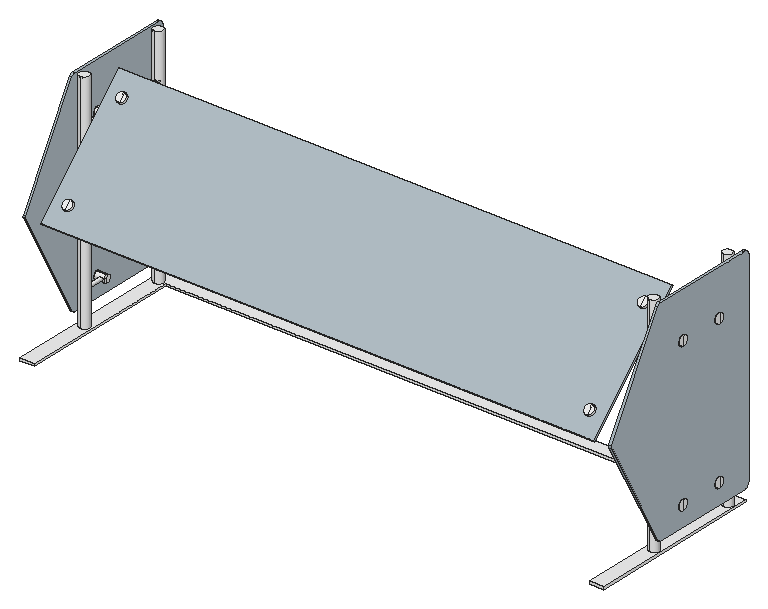
Revit family "QF_PMG_FM1R-A-P", category Specialty Equipment, Revit 2019
Family settings
  Round Connector Dimension = Use Diameter
  Part Type = Normal
  OmniClass Number = 23.40.40.14.24.14
  OmniClass Title = Service Line Equipment
  Work Plane-Based = Yes
  Always vertical = Yes
  Cut with Voids When Loaded = No
  Shared = No
  Room Calculation Point = No
Parameters (values of type "Brushed Stainless Steel #4")
  Width [instance] = 5' - 0"  # constant formula
  Weight in Pounds = 0
  URL Cutsheet = "https://www.pmg-inc.me/specsheets/FM1R-A-PORTABLE.pdf"  # constant formula
  URL = "https://www.pmg-inc.com/"
  Status = ""
  Specification by User [instance] = ""
  Specification by Manufacturer = "Choice™ Adjustable Self-Service Sneeze Guard, portable single sided guard without top shelf, slanted front, tempered glass with polished edges, end panels, 1\" OD round stainless supports, NSF (Contact Premier Sales Department for Pricing)"
  Serial Number [instance] = ""
  Seismic Rating = ""
  SMACNA No = ""
  Right End Panel Vis [instance] = or(Both Left And Right End Panel, Right End Panel Only)  # yes
  Right End Panel Only [instance] = End Panel Selection = 2  # no
  Revision Code = ""
  No Right Panel [instance] = or(Left End Panel Only, No End Panels)  # no
  No Left Panel [instance] = or(Right End Panel Only, No End Panels)  # no
  No End Panels [instance] = End Panel Selection > 3  # no
  NAFEM Spec ID Number = ""
  Model = "FM1R-A-P"  # constant formula
  Masterspec = "Division 11"
  Manufacturer = "Premier Metal And Glass"
  Left End Panel Vis [instance] = or(Both Left And Right End Panel, Left End Panel Only)  # yes
  Left End Panel Only [instance] = End Panel Selection = 3  # no
  Item Number [instance] = ""
  Installed By [instance] = ""
  Identify Quantity as Lot = yes
  Height = 1' - 8 5/16"  # constant formula
  Glass Thickness Selection [instance] = 1
  Glass Thickness [instance] = if([3/8" Glass], 0' 0 3/8", 0' 0 1/4")  # 0' - 0 1/4"
  Furnished By [instance] = ""
  Frame Material = QF_Stainless-Brushed-Satin
  Foodservice Equipment Identifier = yes
  End Panel Selection [instance] = 1
  Description = "Food Shield"
  Depth = 1' - 4 1/4"  # constant formula
  Default Elevation = 4' - 0"
  CSI MasterFormat = "11 46 16"
  Both Left And Right End Panel [instance] = End Panel Selection < 2  # yes
  Assembly Code = "E1090320"
  3/8" Glass [instance] = Glass Thickness Selection = 2  # no
  1/4" Glass [instance] = Glass Thickness Selection < 2  # yes
Reference planes (in)
  plane 1 "BACK": y = 0
  plane 2 "REF. LAYER": z = 0
  plane 3 "LEFT": x = 0
  plane 4 "RIGHT": x = 60
  plane 5 "Center (Left/Right)": x = 30
  plane 6 "Center F/F": x = 0.875
  plane 7 "Center F/G": x = 59.125
  plane 8 "Center F/U": y = -9.75
  plane 9: z = 0.25
  plane 10 "Center F/V": x = -0.75
  plane 11 "Center F/W": x = 0.75
  plane 12 "Center F/X": x = 60.75
  plane 13 "Center F/Y": x = 59.25
  plane 14 "Center F/Z": y = 1.5
  plane 15: through (0, -13.20936, 16.16438) normal (0, -0.7071, 0.7071)
  plane 16: through (0, -13.38614, 16.34116) normal (0, -0.7071, 0.7071)
  plane 17 "Center F/BB": y = -17.25
  plane 18: through (0, -16.37374, 13) normal (0, -0.7071, -0.7071)
  plane 19: through (0, -6.12069, 23.25305) normal (0, -0.7071, -0.7071)
  plane 20: z = 24
  plane 21: z = 18.5625
  plane 22: z = 13
Forms (in)
  Extrusion 1, solid, material "QF_Glass-Tempered-Clear"
    sketch origin (0, -1.32521, 0.32497) x (0, 1, 0) y (0, 0, 1)
      loop
        line (-15.04853, 12.67503) -> (-4.79548, 22.92808) -> (-4.97226, 23.10486) -> (-15.22531, 12.85181) -> (-15.04853, 12.67503)
    from 0.875 to 59.125
  Extrusion 2, solid, material "QF_Stainless-Brushed-Satin" <- "Frame Material"
    sketch origin (0, 0, 0) x (1, 0, 0) y (0, 1, 0)
      loop
        line (-0.75, -17.25) -> (0.75, -17.25) -> (0.75, 0) -> (59.25, 0) -> (59.25, -17.25) -> (60.75, -17.25) -> (60.75, 1.5) -> (-0.75, 1.5) -> (-0.75, -17.25)
    from 0 to 0.25
Lines and regions (in)
  symbolic lines, style "QF_Details_Overcounter"
    curve 1: line (0.875, -6.12069, 0) -> (59.125, -6.12069, 0)
    curve 2: line (0.875, -16.55052, 0) -> (0.875, -6.12069, 0)
    curve 3: line (59.125, -16.55052, 0) -> (0.875, -16.55052, 0)
    curve 4: line (59.125, -6.12069, 0) -> (59.125, -16.55052, 0)
    curve 5: line (0.875, -6.29747, 0) -> (59.125, -6.29747, 0)
    curve 6: line (-0.75, -17.25, 0) -> (-0.75, 1.5, 0)
    curve 7: line (-0.75, 1.5, 0) -> (60.75, 1.5, 0)
    curve 8: line (60.75, 1.5, 0) -> (60.75, -17.25, 0)
    curve 9: line (60.75, -17.25, 0) -> (59.25, -17.25, 0)
    curve 10: line (59.25, -17.25, 0) -> (59.25, 0, 0)
    curve 11: line (59.25, 0, 0) -> (0.75, 0, 0)
    curve 12: line (0.75, 0, 0) -> (0.75, -17.25, 0)
    curve 13: line (0.75, -17.25, 0) -> (-0.75, -17.25, 0)
    curve 14: line (0, -15.87362, 13.50012) -> (0, -8.27222, 21.10152)
Dimensions and locks (in)
  "Width": plane 3 "LEFT" to plane 4 "RIGHT"
  equal spacing: plane 3 "LEFT", plane 5 "Center (Left/Right)", plane 4 "RIGHT"
  locked: plane 3 "LEFT" to plane 6 "Center F/F" at 0.875
  locked: plane 7 "Center F/G" to plane 4 "RIGHT" at 0.875
  locked: plane 9 to plane 2 "REF. LAYER" at 0.25
  plane 11 "Center F/W" to plane 3 "LEFT" to plane 10 "Center F/V" = 0' - 0 3/4" locked, 0' - 0 3/4" locked
  plane 13 "Center F/Y" to plane 4 "RIGHT" to plane 12 "Center F/X" = 0' - 0 3/4" locked, 0' - 0 3/4" locked
  plane 8 "Center F/U" to plane 1 "BACK" to plane 14 "Center F/Z" = 0' - 9 3/4" locked, 0' - 1 1/2" locked
  "Glass Thickness": plane 16 to plane 15
  plane 18 to plane 19 = 1' - 2 1/2"
  aligned and locked: level to plane 2 "REF. LAYER"
  aligned and locked: plane 1 "BACK" to nested 2
  aligned and locked: plane 4 "RIGHT" to nested 2
  aligned and locked: plane 1 "BACK" to nested 1
  aligned and locked: plane 3 "LEFT" to nested 1
  aligned and locked: Extrusion 1 to plane 6 "Center F/F"
  aligned and locked: Extrusion 1 to plane 7 "Center F/G"
  aligned and locked: plane 1 "BACK" to nested 3
  aligned and locked: plane 1 "BACK" to nested 4
  aligned and locked: plane 3 "LEFT" to nested 3
  aligned and locked: plane 4 "RIGHT" to nested 4
  aligned and locked: plane 10 "Center F/V" to Extrusion 2 sketch curve
  aligned and locked: Extrusion 2 sketch curve to plane 11 "Center F/W"
  aligned and locked: Extrusion 2 sketch curve to plane 1 "BACK"
  aligned and locked: plane 14 "Center F/Z" to Extrusion 2 sketch curve
  aligned and locked: plane 12 "Center F/X" to Extrusion 2 sketch curve
  aligned and locked: Extrusion 2 sketch curve to plane 13 "Center F/Y"
  aligned and locked: Extrusion 2 to plane 9
  aligned and locked: plane 17 "Center F/BB" to Extrusion 2  (x2)
  aligned and locked: curve 3 to Extrusion 1
  aligned and locked: curve 1 to Extrusion 1
  aligned and locked: curve 5 to Extrusion 1
  aligned and locked: Extrusion 1 sketch curve to plane 15
  aligned and locked: plane 16 to Extrusion 1 sketch curve
  aligned and locked: plane 18 to Extrusion 1 sketch curve
  aligned and locked: Extrusion 1 sketch curve to plane 19
Automatic sketch dimensions
  plane 17 "Center F/BB" to Extrusion 2 sketch curve = 0' - 0"  (x2)
  curve 13 to plane 10 "Center F/V" = 0' - 0"
  curve 12 to plane 11 "Center F/W" = 0' - 0"
  curve 1 to plane 6 "Center F/F" = 0' - 0"
  curve 5 to plane 7 "Center F/G" = 0' - 0"
  plane 1 "BACK" to curve 10 = 0' - 0"
  curve 10 to plane 13 "Center F/Y" = 0' - 0"
  curve 8 to plane 12 "Center F/X" = 0' - 0"
  plane 17 "Center F/BB" to curve 8 = 0' - 0"
  plane 17 "Center F/BB" to curve 13 = 0' - 0"
  plane 14 "Center F/Z" to curve 7 = 0' - 0"
  curve 14 to plane 15 = 0' - 0"  (x2)
  curve 14 to plane 22 = 0' - 0.50012"
  curve 14 to plane 8 "Center F/U" = 0' - 1.47778"
Nested families (in)
  nested 1: "FM1V-A-P_Side Bracket" at (0, 1.25, 0), Glass Thickness <- "Glass Thickness", Frame Material <- "Frame Material", visible <- "Left End Panel Vis", type "FM1V-A-P_Side Bracket"
    with Right Panel no, Left Panel yes, Glass Thickness 0' - 0 1/4", Frame Material QF_Stainless-Brushed-Satin
  nested 2: "FM1V-A-P_Side Bracket" at (60, 1.25, 0), Glass Thickness <- "Glass Thickness", Frame Material <- "Frame Material", visible <- "Right End Panel Vis", type "FM1V-A-P_Side Bracket"
    with Right Panel yes, Left Panel no, Glass Thickness 0' - 0 1/4", Frame Material QF_Stainless-Brushed-Satin
  nested 3: "FM1V-A-P_Front Bracket" at (0, 1.25, 0), visible <- "No Left Panel", Frame Material <- "Frame Material", Glass Thickness <- "Glass Thickness", type "FM1V-A-P_Front Bracket"
    with Right Panel no, Left Panel yes, Glass Thickness 0' - 0 1/4", Frame Material QF_Stainless-Brushed-Satin
  nested 4: "FM1V-A-P_Front Bracket" at (60, 1.25, 0), visible <- "No Right Panel", Frame Material <- "Frame Material", Glass Thickness <- "Glass Thickness", type "FM1V-A-P_Front Bracket"
    with Right Panel yes, Left Panel no, Glass Thickness 0' - 0 1/4", Frame Material QF_Stainless-Brushed-Satin
Definition of nested family "FM1V-A-P_Side Bracket"
  Parameters (values of type "FM1V-A-P_Side Bracket")
    Width = 3' - 0"
    Right Panel [instance] = not(Left Panel)  # yes
    Left Panel [instance] = no
    Height = 1' - 8 5/16"
    Glass Thickness [instance] = 0' - 0 1/4"
    Frame Material [instance] = none
    Depth = 1' - 10 1/4"
  Reference planes (in)
    plane 1 "REF. LAYER": z = 1.49993
    plane 2 "LEFT": x = 0
    plane 3 "Center F/C": y = -1.25
    plane 4 "Center F/J": y = -2.125
    plane 5 "Center F/PP": y = -0.00218
    plane 6: z = 20.74993
    plane 7 "Center F/QQ": x = 0.7504
    plane 8 "Center F/RR": x = 1.0004
    plane 9 "Center F/SS": x = -0.7504
    plane 10 "Center F/TT": x = -1.0004
    plane 11: z = 0.25
    plane 12 "Center F/UU": y = -11
    plane 13: z = 3.74993
    plane 14: z = 24
    plane 15: z = 18.5625
    plane 16: z = 19.24993
  Forms (in)
    Sweep 1, solid, material <- "Frame Material"
      path origin (0, 0, 0) x (0, 1, 0) y (0, 0, 1)
        loop
          line (-1.25, 0) -> (-1.25, 24)
      profile origin (0, -1.25, 12) x (0, -1, 0) y (1, 0, 0)
        loop
          circle (0, 0) r 0.5
    Extrusion 2, solid, visible <- "Right Panel"
      sketch origin (0, 0, 0) x (0, 1, 0) y (0, 0, 1)
        loop
          arc (-11.24971, 24) -> (-11.47352, 23.94711) -> (-11.64999, 23.79963) r 0.5
          line (-11.64999, 23.79963) -> (-17.76749, 13.29746)
          arc (-17.76749, 13.29746) -> (-17.8011, 13.1762) -> (-17.77139, 13.05392) r 0.25
          line (-17.77139, 13.05392) -> (-11.64871, 1.71998)
          arc (-11.64871, 1.71998) -> (-11.46898, 1.55841) -> (-11.23447, 1.5) r 0.5
          line (-11.23447, 1.5) -> (-0.25, 1.5)
          arc (-0.25, 1.5) -> (0.10355, 1.64645) -> (0.25, 2) r 0.5
          line (0.25, 2) -> (0.25, 23.5)
          arc (0.25, 23.5) -> (0.10355, 23.85355) -> (-0.25, 24) r 0.5
          line (-0.25, 24) -> (-11.24971, 24)
      from 0.7504 to 1.0004
    Extrusion 3, solid, visible <- "Left Panel"
      sketch origin (-4.75, 0, 0) x (0, 1, 0) y (0, 0, 1)
        loop
          line (-17.77139, 13.05392) -> (-11.64871, 1.71998)
          arc (-11.64871, 1.71998) -> (-11.46898, 1.55841) -> (-11.23447, 1.5) r 0.5
          line (-11.23447, 1.5) -> (-0.25, 1.5)
          arc (-0.25, 1.5) -> (0.10355, 1.64645) -> (0.25, 2) r 0.5
          line (0.25, 2) -> (0.25, 23.5)
          arc (0.25, 23.5) -> (0.10355, 23.85355) -> (-0.25, 24) r 0.5
          line (-0.25, 24) -> (-11.24971, 24)
          arc (-11.24971, 24) -> (-11.47352, 23.94711) -> (-11.64999, 23.79963) r 0.5
          line (-11.64999, 23.79963) -> (-17.76749, 13.29746)
          arc (-17.76749, 13.29746) -> (-17.8011, 13.1762) -> (-17.77139, 13.05392) r 0.25
      from 3.7496 to 3.9996
    Sweep 4, solid, material <- "Frame Material"
      path origin (0, -9.75, 0) x (0, 1, 0) y (0, 0, 1)
        loop
          line (-1.25, 0) -> (-1.25, 24)
      profile origin (0, -11, 12) x (0, -1, 0) y (1, 0, 0)
        loop
          circle (0, 0) r 0.5
  Lines and regions (in)
    symbolic lines, visible <- "Right Panel"
      curve 1: line (0.7504, 0.25, 0) -> (1.0004, 0.25, 0)
      curve 2: line (0.7504, -19.37876, 0) -> (0.7504, 0.25, 0)
      curve 3: line (1.0004, -19.37876, 0) -> (0.7504, -19.37876, 0)
      curve 4: line (1.0004, 0.25, 0) -> (1.0004, -19.37876, 0)
    symbolic lines, visible <- "Left Panel"
      curve 5: line (-0.7504, -19.37876, 0) -> (-1.0004, -19.37876, 0)
      curve 6: line (-0.7504, 0.25, 0) -> (-0.7504, -19.37876, 0)
      curve 7: line (-1.0004, 0.25, 0) -> (-0.7504, 0.25, 0)
      curve 8: line (-1.0004, -19.37876, 0) -> (-1.0004, 0.25, 0)
    symbolic lines
      curve 9: line (-1.29169, -1.25, 0) -> (1.29169, -1.25, 0)
      curve 10: line (0, -2.66669, 0) -> (0, 0.16669, 0)
      curve 11: circle (0, -11, 0) r 0.5 normal (0, 0, 1)
      curve 12: circle (0, -1.25, 0) r 0.5 normal (0, 0, 1)
  Dimensions and locks (in)
    locked: plane 4 "Center F/J" to plane 3 "Center F/C" at 0.875
    plane 7 "Center F/QQ" to plane 2 "LEFT" to plane 9 "Center F/SS" = 0' - 0.7504", 0' - 0.7504"
    "Glass Thickness": plane 7 "Center F/QQ" to plane 8 "Center F/RR"
    "Glass Thickness": plane 10 "Center F/TT" to plane 9 "Center F/SS"
    plane 6 to plane 13 to plane 1 "REF. LAYER" to plane 11 to level = 1' - 5", 0' - 2 1/4" locked, 0' - 1.24993" locked, 0' - 0 1/4" locked
    aligned and locked: plane 3 "Center F/C" to nested 1
    aligned and locked: Extrusion 2 to plane 8 "Center F/RR"
    aligned and locked: plane 7 "Center F/QQ" to Extrusion 2
    aligned and locked: Extrusion 3 to plane 9 "Center F/SS"
    aligned and locked: plane 10 "Center F/TT" to Extrusion 3
    aligned and locked: plane 12 "Center F/UU" to nested 7
    aligned and locked: plane 12 "Center F/UU" to nested 2
    aligned and locked: plane 12 "Center F/UU" to nested 8
    aligned and locked: plane 12 "Center F/UU" to nested 4
    aligned and locked: plane 13 to nested 2
    aligned and locked: nested 1 to plane 13
    aligned and locked: plane 12 "Center F/UU" to nested 10
    aligned and locked: plane 12 "Center F/UU" to nested 9
    aligned and locked: nested 10 to plane 2 "LEFT"
    aligned and locked: nested 9 to plane 2 "LEFT"
    aligned and locked: nested 2 to plane 2 "LEFT"
    aligned and locked: plane 2 "LEFT" to nested 1
    aligned and locked: nested 5 to plane 3 "Center F/C"
    aligned and locked: plane 15 to nested 10
    aligned and locked: plane 15 to nested 9
    aligned and locked: plane 16 to nested 8
    aligned and locked: plane 16 to nested 4
    aligned and locked: nested 3 to plane 16
    aligned and locked: nested 6 to plane 16
  Automatic sketch dimensions
    Sweep 1 sketch curve to plane 3 "Center F/C" = 0' - 0"
    Sweep 1 sketch curve to level = 0' - 0"
    Sweep 1 sketch curve to plane 6 = 0' - 3.25007"
    Sweep 1 sketch curve to plane 2 "LEFT" = 0' - 0"
    Sweep 1 sketch curve to profile plane = 0' - 0"
    plane 5 "Center F/PP" to Extrusion 2 sketch curve = 0' - 0.24782"  (x2)
    Extrusion 2 sketch curve to plane 5 "Center F/PP" = 0' - 0.25218"
    plane 1 "REF. LAYER" to Extrusion 2 sketch curve = 0' - 0.00007"
    Extrusion 2 sketch curve to plane 6 = 0' - 2.75007"
    Sweep 4 sketch curve to plane 12 "Center F/UU" = 0' - 0"
    Sweep 4 sketch curve to level = 0' - 0"
    Sweep 4 sketch curve to plane 6 = 0' - 3.25007"
    Sweep 4 sketch curve to plane 2 "LEFT" = 0' - 0"
    Sweep 4 sketch curve to profile plane = 0' - 0"
    plane 3 "Center F/C" to curve 9 = 0' - 0"
    curve 7 to plane 5 "Center F/PP" = 0' - 0.25218"
    curve 7 to plane 10 "Center F/TT" = 0' - 0"
    curve 6 to plane 9 "Center F/SS" = 0' - 0"
    curve 11 to plane 2 "LEFT" = 0' - 0"
    curve 12 to plane 2 "LEFT" = 0' - 0"
    curve 10 to plane 2 "LEFT" = 0' - 0"
    curve 2 to plane 7 "Center F/QQ" = 0' - 0"
    curve 4 to plane 8 "Center F/RR" = 0' - 0"
    plane 12 "Center F/UU" to curve 11 = 0' - 0"
    plane 3 "Center F/C" to curve 12 = 0' - 0"
    curve 4 to plane 5 "Center F/PP" = 0' - 0.25218"
    plane 12 "Center F/UU" to curve 4 = 0' - 8.37876"
    curve 8 to curve 2 = 0' - 0"
    plane 10 "Center F/TT" to curve 9 = 0' - 0.29129"
    curve 9 to plane 8 "Center F/RR" = 0' - 0.29129"
    plane 4 "Center F/J" to curve 10 = 0' - 0.54169"
    curve 10 to plane 5 "Center F/PP" = 0' - 0.16887"
    plane 12 "Center F/UU" to Extrusion 2 sketch curve = 0' - 0.24971"
    plane 12 "Center F/UU" to Extrusion 2 sketch curve = 0' - 6.55113"
    Extrusion 2 sketch curve to Extrusion 2 sketch curve = 0' - 0.21635"
    Extrusion 2 sketch curve to Extrusion 2 sketch curve = 0' - 0 1/256"
    plane 15 to Extrusion 2 sketch curve = 0' - 5.50858"
    Extrusion 2 sketch curve to Extrusion 2 sketch curve = 0' - 0.11827"
    plane 14 to Extrusion 2 sketch curve = 0' - 0.20037"
    Extrusion 2 sketch curve to Extrusion 2 sketch curve = 0' - 0.40028"
    plane 12 "Center F/UU" to Extrusion 2 sketch curve = 0' - 0.23447"
    plane 1 "REF. LAYER" to Extrusion 2 sketch curve = 0' - 0.22005"
    Extrusion 2 sketch curve to Extrusion 2 sketch curve = 0' - 0.41423"
    plane 14 to Extrusion 3 sketch curve = 0' - 0"
    plane 12 "Center F/UU" to Extrusion 3 sketch curve = 0' - 6.77139"
    plane 15 to Extrusion 3 sketch curve = 0' - 5.26504"
    Extrusion 3 sketch curve to Extrusion 3 sketch curve = 0' - 0 1/256"
    Extrusion 3 sketch curve to Extrusion 3 sketch curve = 0' - 0.22026"
    plane 14 to Extrusion 3 sketch curve = 0' - 0.20037"
    plane 12 "Center F/UU" to Extrusion 3 sketch curve = 0' - 0.64999"
    plane 1 "REF. LAYER" to Extrusion 3 sketch curve = 0' - 0.22005"
    plane 12 "Center F/UU" to Extrusion 3 sketch curve = 0' - 0.64871"
    plane 12 "Center F/UU" to Extrusion 3 sketch curve = 0' - 0.24971"
    plane 12 "Center F/UU" to Extrusion 3 sketch curve = 0' - 0.23447"
    plane 1 "REF. LAYER" to Extrusion 3 sketch curve = 0' - 0.00007"
    plane 5 "Center F/PP" to Extrusion 3 sketch curve = 0' - 0.24782"  (x2)
    Extrusion 3 sketch curve to plane 5 "Center F/PP" = 0' - 0.25218"
    Extrusion 3 sketch curve to Extrusion 3 sketch curve = 0' - 0.24353"
    radius of Sweep 1 sketch curve = 0' - 0 1/2"
    radius of Sweep 4 sketch curve = 0' - 0 1/2"
    radius of curve 11 = 0' - 0 1/2"
    radius of curve 12 = 0' - 0 1/2"
  Nested families (in)
    nested 1: "Portable Adjustable Horizontal Glass Clip" at (-0.40584, -3.75, 3.24993) x (0, 1, 0) z (0, 0, 1), Frame Material <- "Frame Material", visible <- "Right Panel", Glass Thickness <- "Glass Thickness", type "Portable Adjustable Horizontal Glass Clip"
      with Glass Thickness 0' - 0 1/4", Frame Material none
    nested 2: "Portable Adjustable Horizontal Glass Clip" at (0.40584, -8.5, 3.24993) x (0, -1, 0) z (0, 0, 1), Frame Material <- "Frame Material", visible <- "Left Panel", Glass Thickness <- "Glass Thickness", type "Portable Adjustable Horizontal Glass Clip"
      with Glass Thickness 0' - 0 1/4", Frame Material none
    nested 3: "Portable Adjustable Horizontal Glass Clip" at (-0.40584, -3.75, 18.74993) x (0, 1, 0) z (0, 0, 1), Frame Material <- "Frame Material", visible <- "Right Panel", Glass Thickness <- "Glass Thickness", type "Portable Adjustable Horizontal Glass Clip"
      with Glass Thickness 0' - 0 1/4", Frame Material none
    nested 4: "Portable Adjustable Horizontal Glass Clip" at (0.40584, -8.5, 18.74993) x (0, -1, 0) z (0, 0, 1), Frame Material <- "Frame Material", visible <- "Left Panel", Glass Thickness <- "Glass Thickness", type "Portable Adjustable Horizontal Glass Clip"
      with Glass Thickness 0' - 0 1/4", Frame Material none
    nested 5: "Portable Adjustable Horizontal Glass Clip" at (0.40584, -3.75, 3.24993) x (0, 1, 0) z (0, 0, 1), Frame Material <- "Frame Material", visible <- "Left Panel", Glass Thickness <- "Glass Thickness", type "Portable Adjustable Horizontal Glass Clip"
      with Glass Thickness 0' - 0 1/4", Frame Material none
    nested 6: "Portable Adjustable Horizontal Glass Clip" at (0.40584, -3.75, 18.74993) x (0, 1, 0) z (0, 0, 1), Frame Material <- "Frame Material", visible <- "Left Panel", Glass Thickness <- "Glass Thickness", type "Portable Adjustable Horizontal Glass Clip"
      with Glass Thickness 0' - 0 1/4", Frame Material none
    nested 7: "Portable Adjustable Horizontal Glass Clip" at (-0.40584, -8.5, 3.24993) x (0, -1, 0) z (0, 0, 1), Frame Material <- "Frame Material", visible <- "Right Panel", Glass Thickness <- "Glass Thickness", type "Portable Adjustable Horizontal Glass Clip"
      with Glass Thickness 0' - 0 1/4", Frame Material none
    nested 8: "Portable Adjustable Horizontal Glass Clip" at (-0.40584, -8.5, 18.74993) x (0, -1, 0) z (0, 0, 1), Frame Material <- "Frame Material", visible <- "Right Panel", Glass Thickness <- "Glass Thickness", type "Portable Adjustable Horizontal Glass Clip"
      with Glass Thickness 0' - 0 1/4", Frame Material none
    nested 9: "Portable Adjustable Front Glass Mount_45" at (0, -11, 18.5625), Frame Material <- "Frame Material", visible <- "Right Panel", Glass Thickness <- "Glass Thickness", type "Portable Adjustable Front Glass Mount_45"
    nested 10: "Portable Adjustable Front Glass Mount_45" at (0, -11, 18.5625) x (-1, 0, 0) z (0, 0, 1), Frame Material <- "Frame Material", visible <- "Left Panel", Glass Thickness <- "Glass Thickness", type "Portable Adjustable Front Glass Mount_45"
  Definition of nested family "Portable Adjustable Horizontal Glass Clip"
    Parameters (values of type "Portable Adjustable Horizontal Glass Clip")
      Width = 3' - 0"
      Height = 3' - 0"
      Glass Thickness [instance] = 0' - 0 3/8"
      Frame Material [instance] = none
      Depth = 0' - 1.35355"
    Reference planes (in)
      plane 1 "BACK": y = 0
      plane 2 "REF. LAYER": z = 0
      plane 3 "LEFT": x = 0
      plane 4: z = 3
      plane 5: z = 1
      plane 6: z = 0.875
      plane 7: z = 0.125
      plane 8: z = 0.5
      plane 9 "Center F/E": y = -1.125
      plane 10 "Center F/F": y = -1.15624
      plane 11 "Center F/G": y = -1.53125
      plane 12 "Center F/H": y = -1.5625
      plane 13 "Center F/I": y = -1.6875
      plane 14 "Center F/J": y = -0.40584
      plane 15 "Center F/K": x = 3
      plane 16 "Center F/L": x = -3
      plane 17 "Center F/M": x = 2.5
    Forms (in)
      Revolve 1, solid, material <- "Frame Material"
        sketch origin (0, 0, 0) x (0, 1, 0) y (0, 0, 1)
          loop
            line (-1.6875, 0.5) -> (0, 0.5) -> (0, 0.875) -> (-1.125, 0.875) -> (-1.125, 0.625) -> (-1.5625, 0.625) -> (-1.5625, 1) -> (-1.6875, 1) -> (-1.6875, 0.5)
          axis (-1.6875, 0.5) -> (0, 0.5)
        angle from 0 to 360
      Extrusion 2, solid
        sketch origin (0, 0, 0) x (1, 0, 0) y (0, 0, 1)
          loop
            circle (0, 0.5) r 0.125
          loop
            circle (0, 0.5) r 0.375
        from 1.125 to 1.15624
      Extrusion 3, solid
        sketch origin (0, -1.25, 0) x (1, 0, 0) y (0, 0, 1)
          loop
            circle (0, 0.5) r 0.125
          loop
            circle (0, 0.5) r 0.375
        from 0.28125 to 0.3125
      Revolve 4, solid, material <- "Frame Material"
        sketch origin (0, -0.40584, 0) x (1, 0, 0) y (0, 0, 1)
          loop
            line (0, 0.5) -> (0, 0.3125) -> (2.5, 0.3125) -> (2.5, 0.5) -> (0, 0.5)
          axis (0, 0.5) -> (2.5, 0.5)
        angle from 0 to 360
    Lines and regions (in)
      symbolic lines
        curve 1: line (2.5, 0, 0.68552) -> (2.5, 0, 0.31448)
        curve 2: line (2.68552, 0, 0.5) -> (2.31448, 0, 0.5)
        curve 3: line (0, -0.64158, 3) -> (0, -0.1701, 3)
        curve 4: line (0, -0.40584, 2.76426) -> (0, -0.40584, 3.23574)
        curve 5: line (-0.5, -1.5625, 0) -> (0.5, -1.5625, 0)
        curve 6: line (-0.5, -1.6875, 0) -> (-0.5, -1.5625, 0)
        curve 7: line (0.5, -1.6875, 0) -> (-0.5, -1.6875, 0)
        curve 8: line (0.5, -1.5625, 0) -> (0.5, -1.6875, 0)
        curve 9: line (-0.375, -1.15624, 0) -> (-0.375, 0, 0)
        curve 10: line (0.375, -1.15624, 0) -> (-0.375, -1.15624, 0)
        curve 11: line (0.375, 0, 0) -> (0.375, -1.15624, 0)
        curve 12: line (-0.375, -1.125, 0) -> (0.375, -1.125, 0)
        curve 13: line (-0.375, -1.53125, 0) -> (-0.375, -1.5625, 0)
        curve 14: line (-0.375, -1.53125, 0) -> (0.375, -1.53125, 0)
        curve 15: line (0.375, -1.53125, 0) -> (0.375, -1.5625, 0)
        curve 16: line (-0.125, -1.15624, 0) -> (-0.125, -1.53125, 0)
        curve 17: line (0.125, -1.15624, 0) -> (0.125, -1.53125, 0)
        curve 18: line (2.5, -0.21834, 0) -> (2.5, -0.59334, 0)
        curve 19: line (2.3125, -0.40584, 0) -> (2.6875, -0.40584, 0)
        curve 20: line (-0.375, 0, 0) -> (0.375, 0, 0)
        curve 21: line (0.375, -0.59334, 0) -> (2.03649, -0.59334, 0)
        curve 22: line (0.375, -0.21834, 0) -> (2.03649, -0.21834, 0)
        curve 23: arc (2.03649, -0.21834, 0) -> (2, -0.40584, 0) -> (2.03649, -0.59334, 0) r 0.5
    Dimensions and locks (in)
      locked: plane 4 to plane 2 "REF. LAYER" at 3
      "Glass Thickness": plane 11 "Center F/G" to plane 10 "Center F/F"
      plane 10 "Center F/F" to plane 9 "Center F/E" to plane 1 "BACK" = 0' - 0 1/32" locked, 0' - 1 1/8"
      plane 13 "Center F/I" to plane 12 "Center F/H" to plane 11 "Center F/G" = 0' - 0 1/8" locked, 0' - 0 1/32" locked
      plane 15 "Center F/K" to plane 17 "Center F/M" to plane 3 "LEFT" to plane 16 "Center F/L" = 0' - 0 1/2" locked, 0' - 2 1/2" locked, 0' - 3" locked
      aligned and locked: level to plane 2 "REF. LAYER"
      aligned and locked: Revolve 1 sketch curve to plane 1 "BACK"
      aligned and locked: plane 9 "Center F/E" to Revolve 1 sketch curve
      aligned and locked: plane 12 "Center F/H" to Revolve 1 sketch curve
      aligned and locked: Revolve 1 sketch curve to plane 13 "Center F/I"
      aligned and locked: Extrusion 2 to plane 9 "Center F/E"
      aligned and locked: plane 10 "Center F/F" to Extrusion 2
      aligned and locked: Extrusion 3 to plane 11 "Center F/G"
      aligned and locked: plane 12 "Center F/H" to Extrusion 3
      aligned and locked: curve 5 to Revolve 1
      aligned and locked: curve 7 to Revolve 1
      aligned and locked: curve 10 to Extrusion 2
      aligned and locked: plane 3 "LEFT" to Revolve 4 sketch curve
      aligned and locked: Revolve 4 sketch curve to plane 17 "Center F/M"
    Automatic sketch dimensions
      Revolve 1 sketch curve to plane 8 = 0' - 0"  (x2)
      Revolve 1 sketch curve to plane 6 = 0' - 0"
      Revolve 1 sketch curve to plane 5 = 0' - 0"
      plane 8 to Revolve 1 sketch curve = 0' - 0 1/8"
      Revolve 1 sketch curve to Revolve 1 sketch curve = 0' - 0 1/4"
      Revolve 1 sketch curve to plane 1 "BACK" = 0' - 0.13914"
      Extrusion 2 sketch curve to Extrusion 2 sketch curve = 0' - 0"  (x2)
      Extrusion 2 sketch curve to plane 3 "LEFT" = 0' - 0"
      Extrusion 2 sketch curve to plane 8 = 0' - 0"
      Extrusion 3 sketch curve to Extrusion 3 sketch curve = 0' - 0"  (x2)
      Extrusion 3 sketch curve to plane 3 "LEFT" = 0' - 0"
      Extrusion 3 sketch curve to plane 8 = 0' - 0"
      plane 3 "LEFT" to curve 1 = 0' - 2 1/2"
      curve 1 to plane 4 = 0' - 2.68552"
      curve 1 to plane 4 = 0' - 2.31448"
      curve 2 to plane 4 = 0' - 2 1/2"
      plane 3 "LEFT" to curve 2 = 0' - 2.31448"
      plane 3 "LEFT" to curve 2 = 0' - 2.68552"
      curve 3 to plane 4 = 0' - 0"
      plane 14 "Center F/J" to curve 3 = 0' - 0.23574"
      plane 1 "BACK" to curve 3 = 0' - 0.1701"
      curve 4 to plane 14 "Center F/J" = 0' - 0"
      curve 4 to plane 4 = 0' - 0.23574"
      plane 4 to curve 4 = 0' - 0.23574"
      Revolve 4 sketch curve to plane 8 = 0' - 0"  (x2)
      plane 7 to Revolve 4 sketch curve = 0' - 0 3/16"
      Revolve 4 sketch curve to Revolve 4 sketch curve = 0' - 0.29307"
      plane 17 "Center F/M" to Revolve 4 sketch curve = 0' - 0.1477"
      plane 9 "Center F/E" to curve 12 = 0' - 0"
      plane 1 "BACK" to curve 20 = 0' - 0"
      plane 11 "Center F/G" to curve 14 = 0' - 0"
      plane 14 "Center F/J" to curve 19 = 0' - 0"
      curve 18 to plane 17 "Center F/M" = 0' - 0"
      curve 22 to plane 14 "Center F/J" = 0' - 0 3/16"
      plane 3 "LEFT" to curve 8 = 0' - 0 1/2"
      plane 3 "LEFT" to curve 11 = 0' - 0 3/8"
      curve 15 to curve 5 = 0' - 0 1/8"
      curve 13 to plane 3 "LEFT" = 0' - 0 3/8"
      curve 9 to plane 3 "LEFT" = 0' - 0 3/8"
      curve 5 to curve 13 = 0' - 0 1/8"
      plane 14 "Center F/J" to curve 21 = 0' - 0 3/16"
      plane 3 "LEFT" to curve 17 = 0' - 0 1/8"
      curve 16 to plane 3 "LEFT" = 0' - 0 1/8"
      plane 17 "Center F/M" to curve 19 = 0' - 0 3/16"
      plane 14 "Center F/J" to curve 18 = 0' - 0 3/16"
      curve 21 to curve 19 = 0' - 0.27601"
      plane 14 "Center F/J" to curve 23 = 0' - 0"
      curve 23 to plane 17 "Center F/M" = 0' - 0"
      curve 23 to curve 18 = 0' - 0 3/16"
      curve 22 to plane 17 "Center F/M" = 0' - 0.46351"
      radius of Extrusion 2 sketch curve = 0' - 0 1/8"
      radius of Extrusion 2 sketch curve = 0' - 0 3/8"
      radius of Extrusion 3 sketch curve = 0' - 0 1/8"
      radius of Extrusion 3 sketch curve = 0' - 0 3/8"
  Definition of nested family "Portable Adjustable Front Glass Mount_45"
    Parameters (values of type "Portable Adjustable Front Glass Mount_45")
      Width = 3' - 0"
      Height = 3' - 0"
      Glass Thickness [instance] = 0' - 0 1/4"
      Frame Material [instance] = none
      Depth = 0' - 1.35355"
    Reference planes (in)
      plane 1 "BACK": y = 0
      plane 2 "REF. LAYER": z = 0
      plane 3 "LEFT": x = 0
      plane 4 "Center F/N": x = -2.49922
      plane 5: through (0, -2.6176, -2.6176) normal (0, -0.7071, 0.7071)
      plane 6: through (0, -2.48502, -2.75018) normal (0, -0.7071, 0.7071)
      plane 7: through (0, -2.33063, -2.90457) normal (0, -0.7071, 0.7071)
      plane 8: through (0, -3.12613, -2.10908) normal (0, -0.7071, 0.7071)
      plane 9: through (0, -3.14822, -2.08698) normal (0, -0.7071, 0.7071)
      plane 10: through (0, -3.325, -1.9102) normal (0, -0.7071, 0.7071)
      plane 11: through (0, -3.3471, -1.88811) normal (0, -0.7071, 0.7071)
      plane 12: through (0, -3.43548, -1.79972) normal (0, -0.7071, 0.7071)
      plane 13: through (0, -4.36965, -4.63426) normal (0, -0.7071, -0.7071)
      plane 14: through (0, 2.51392, 2.62431) normal (0, -0.7071, -0.7071)
    Forms (in)
      Revolve 1, solid, material <- "Frame Material"
        sketch origin (0, 0, -18.58687) x (1, 0, 0) y (0, 0, 1)
          loop
            line (-3.34922, 18.58687) -> (-3.34922, 18.11824) -> (-3.31772, 18.08674) -> (-3.04499, 18.08674) -> (-3.01349, 18.11824) -> (-2.982, 18.08674) -> (-0.63, 18.08674) -> (-0.63, 18.21187) -> (0, 18.21187) -> (0, 18.58687) -> (-3.34922, 18.58687)
          axis (-3.34922, 18.58687) -> (0, 18.58687)
        angle from 0 to 360
      Revolve 2, solid, material <- "Frame Material"
        sketch origin (-2.49922, -1.76421, -1.76354) x (0, 0.92388, 0.382683) y (0, -0.382683, 0.92388)
          loop
            line (-3.5773, -1.48228) -> (-3.50554, -1.65551) -> (5.73325, 2.17133) -> (5.6615, 2.34456) -> (-3.5773, -1.48228)
          axis (-3.5773, -1.48228) -> (5.6615, 2.34456)
        angle from 0 to 360
      Revolve 3, solid, material <- "Frame Material"
        sketch origin (-2.49922, -1.76421, -1.76354) x (0, 0.92388, 0.382683) y (0, -0.382683, 0.92388)
          loop
            line (-3.42199, -1.85722) -> (-3.07553, -1.71372) -> (-3.50605, -0.67435) -> (-3.73702, -0.77002) -> (-3.85661, -0.48131) -> (-3.51016, -0.33781) -> (-3.55799, -0.22232) -> (-4.01993, -0.41366) -> (-3.42199, -1.85722)
          axis (-3.42199, -1.85722) -> (-4.01993, -0.41366)
        angle from 0 to 360
      Revolve 4, solid, material <- "Frame Material"
        sketch origin (-2.49922, 2.06263, 7.47526) x (0, 0.92388, 0.382683) y (0, -0.382683, 0.92388)
          loop
            line (-1.25426, -5.10146) -> (-0.90781, -4.95795) -> (-1.33833, -3.91859) -> (-1.5693, -4.01426) -> (-1.68888, -3.72554) -> (-1.34243, -3.58204) -> (-1.39027, -3.46655) -> (-1.8522, -3.6579) -> (-1.25426, -5.10146)
          axis (-1.25426, -5.10146) -> (-1.8522, -3.6579)
        angle from 0 to 360
      Revolve 5, solid
        sketch origin (-2.49922, 2.06263, 7.47526) x (0, 0.92388, 0.382683) y (0, -0.382683, 0.92388)
          loop
            line (-1.80437, -3.77338) -> (-1.79241, -3.80225) -> (-1.44596, -3.65875) -> (-1.45791, -3.62987) -> (-1.80437, -3.77338)
          loop
            line (-1.69674, -4.03322) -> (-1.68478, -4.06209) -> (-1.33833, -3.91859) -> (-1.35028, -3.88972) -> (-1.69674, -4.03322)
          axis (-1.80437, -3.77338) -> (-1.68478, -4.06209)
        angle from 0 to 360
      Revolve 6, solid
        sketch origin (-2.49922, -5.00844, 0.40419) x (0, 0.92388, 0.382683) y (0, -0.382683, 0.92388)
          loop
            line (-1.80437, -3.77338) -> (-1.79241, -3.80225) -> (-1.44596, -3.65875) -> (-1.45791, -3.62987) -> (-1.80437, -3.77338)
          loop
            line (-1.69674, -4.03322) -> (-1.68478, -4.06209) -> (-1.33833, -3.91859) -> (-1.35028, -3.88972) -> (-1.69674, -4.03322)
          axis (-1.80437, -3.77338) -> (-1.68478, -4.06209)
        angle from 0 to 360
    Lines and regions (in)
      symbolic lines
        curve 1: line (0, 0, 0.375) -> (0, 0, -0.375)
        curve 2: line (0, -0.375, 0) -> (0, 0.375, 0)
        curve 3: line (0, 0, -0.375) -> (0, 0, 0.375)
        curve 4: line (-0.375, 0, 0) -> (0.375, 0, 0)
        curve 5: line (-3.34922, -0.46863, 0) -> (-3.34922, 0.46863, 0)
        curve 6: line (-3.34922, 0.46863, 0) -> (-3.31772, 0.50012, 0)
        curve 7: line (-3.31772, 0.50012, 0) -> (-3.04499, 0.50012, 0)
        curve 8: line (-3.04499, 0.50012, 0) -> (-3.01349, 0.46863, 0)
        curve 9: line (-3.01349, 0.46863, 0) -> (-2.982, 0.50012, 0)
        curve 10: line (-0.63, 0.375, 0) -> (-0.33072, 0.375, 0)
        curve 11: line (-3.01349, 0.46863, 0) -> (-3.01349, -0.46863, 0)
        curve 12: line (-3.04499, 0.50012, 0) -> (-3.04499, -0.50012, 0)
        curve 13: line (-3.31772, 0.50012, 0) -> (-3.31772, -0.50012, 0)
        curve 14: line (-2.982, 0.50012, 0) -> (-2.982, -0.50012, 0)
        curve 15: line (-3.34922, -0.46863, 0) -> (-3.31772, -0.50012, 0)
        curve 16: line (-3.31772, -0.50012, 0) -> (-3.04499, -0.50012, 0)
        curve 17: line (-3.04499, -0.50012, 0) -> (-3.01349, -0.46863, 0)
        curve 18: line (-3.01349, -0.46863, 0) -> (-2.982, -0.50012, 0)
        curve 19: line (-2.982, -0.50012, 0) -> (-0.63, -0.50012, 0)
        curve 20: line (-0.63, -0.50012, 0) -> (-0.63, 0.50012, 0)
        curve 21: line (-0.63, -0.375, 0) -> (-0.33072, -0.375, 0)
        curve 22: arc (-0.5, 0, 0) -> (-0.45572, -0.20572, 0) -> (-0.33072, -0.375, 0) r 0.5
        curve 23: line (0, 0.375, 0) -> (0, -0.375, 0)
        curve 24: line (0.375, 0, 0) -> (-0.375, 0, 0)
        curve 25: arc (-0.5, 0, 0) -> (-0.45572, 0.20572, 0) -> (-0.33072, 0.375, 0) r 0.5
        curve 26: spline (-2.99922, 1.83962, 0) -> (-2.98218, 1.93112, 0) -> (-2.93223, 2.01639, 0) -> (-2.85277, 2.08962, 0) -> (-2.74922, 2.1458, 0) -> (-2.62863, 2.18112, 0) -> (-2.49922, 2.19317, 0) -> (-2.36981, 2.18112, 0) -> (-2.24922, 2.1458, 0) -> (-2.14566, 2.08962, 0) -> (-2.0662, 2.01639, 0) -> (-2.01625, 1.93112, 0) -> (-1.99922, 1.83962, 0)
        curve 27: spline (-2.96639, 1.87721, 0) -> (-2.92154, 1.9405, 0) -> (-2.85976, 1.99619, 0) -> (-2.78352, 2.04206, 0) -> (-2.69589, 2.07628, 0) -> (-2.60037, 2.09747, 0) -> (-2.5008, 2.10478, 0) -> (-2.40117, 2.09792, 0) -> (-2.30547, 2.07716, 0) -> (-2.21753, 2.04333, 0) -> (-2.14088, 1.9978, 0) -> (-2.0786, 1.94238, 0) -> (-2.03318, 1.87931, 0)
        curve 28: spline (-2.03318, 1.87931, 0) -> (-1.99978, 1.76806, 0) -> (-2.01806, 1.65508, 0) -> (-2.08612, 1.55204, 0) -> (-2.19691, 1.46961, 0) -> (-2.33898, 1.41632, 0) -> (-2.49763, 1.39768, 0) -> (-2.65644, 1.41561, 0) -> (-2.79899, 1.46827, 0) -> (-2.91052, 1.5502, 0) -> (-2.9795, 1.65293, 0) -> (-2.99879, 1.76582, 0) -> (-2.96639, 1.87721, 0)
        curve 29: line (-2.99922, 1.83962, 0) -> (-2.99922, 1.75123, 0)
        curve 30: line (-1.99922, 1.83962, 0) -> (-1.99922, 1.75123, 0)
        curve 31: spline (-2.12448, 2.07368, 0) -> (-2.14111, 2.1397, 0) -> (-2.18064, 2.20066, 0) -> (-2.24055, 2.25266, 0) -> (-2.31699, 2.29238, 0) -> (-2.4051, 2.31727, 0) -> (-2.49922, 2.32575, 0) -> (-2.59334, 2.31727, 0) -> (-2.68144, 2.29238, 0) -> (-2.75789, 2.25266, 0) -> (-2.81779, 2.20066, 0) -> (-2.85733, 2.1397, 0) -> (-2.87396, 2.07368, 0)
        curve 32: spline (-2.12787, 2.07636, 0) -> (-2.15142, 2.13795, 0) -> (-2.19509, 2.19378, 0) -> (-2.25638, 2.24062, 0) -> (-2.33172, 2.27576, 0) -> (-2.41675, 2.29717, 0) -> (-2.50656, 2.3036, 0) -> (-2.59594, 2.29469, 0) -> (-2.67973, 2.27095, 0) -> (-2.75306, 2.23375, 0) -> (-2.81171, 2.18525, 0) -> (-2.85226, 2.12826, 0) -> (-2.87238, 2.06607, 0)
        curve 33: spline (-2.87238, 2.85608, 0) -> (-2.85966, 2.92471, 0) -> (-2.82239, 2.98866, 0) -> (-2.76308, 3.04358, 0) -> (-2.6858, 3.08572, 0) -> (-2.5958, 3.11221, 0) -> (-2.49922, 3.12125, 0) -> (-2.40264, 3.11221, 0) -> (-2.31264, 3.08572, 0) -> (-2.23535, 3.04358, 0) -> (-2.17605, 2.98866, 0) -> (-2.13877, 2.92471, 0) -> (-2.12606, 2.85608, 0)
        curve 34: line (-2.87238, 2.85608, 0) -> (-2.87238, 2.06607, 0)
        curve 35: line (-2.12606, 2.85608, 0) -> (-2.12606, 2.06607, 0)
        curve 36: spline (-2.99922, -5.23145, 0) -> (-2.98218, -5.13995, 0) -> (-2.93223, -5.05467, 0) -> (-2.85277, -4.98145, 0) -> (-2.74922, -4.92527, 0) -> (-2.62863, -4.88995, 0) -> (-2.49922, -4.8779, 0) -> (-2.36981, -4.88995, 0) -> (-2.24922, -4.92527, 0) -> (-2.14566, -4.98145, 0) -> (-2.0662, -5.05467, 0) -> (-2.01625, -5.13995, 0) -> (-1.99922, -5.23145, 0)
        curve 37: spline (-2.96639, -5.19385, 0) -> (-2.92154, -5.13057, 0) -> (-2.85976, -5.07488, 0) -> (-2.78352, -5.029, 0) -> (-2.69589, -4.99479, 0) -> (-2.60037, -4.9736, 0) -> (-2.5008, -4.96629, 0) -> (-2.40117, -4.97315, 0) -> (-2.30547, -4.99391, 0) -> (-2.21753, -5.02773, 0) -> (-2.14088, -5.07327, 0) -> (-2.0786, -5.12868, 0) -> (-2.03318, -5.19176, 0)
        curve 38: spline (-2.03318, -5.19176, 0) -> (-1.99978, -5.303, 0) -> (-2.01806, -5.41599, 0) -> (-2.08612, -5.51902, 0) -> (-2.19691, -5.60145, 0) -> (-2.33898, -5.65475, 0) -> (-2.49763, -5.67339, 0) -> (-2.65644, -5.65546, 0) -> (-2.79899, -5.6028, 0) -> (-2.91052, -5.52087, 0) -> (-2.9795, -5.41814, 0) -> (-2.99879, -5.30524, 0) -> (-2.96639, -5.19385, 0)
        curve 39: line (-2.99922, -5.23145, 0) -> (-2.99922, -5.31984, 0)
        curve 40: line (-1.99922, -5.23145, 0) -> (-1.99922, -5.31984, 0)
        curve 41: spline (-2.12448, -4.99739, 0) -> (-2.14111, -4.93137, 0) -> (-2.18064, -4.87041, 0) -> (-2.24055, -4.81841, 0) -> (-2.31699, -4.77869, 0) -> (-2.4051, -4.75379, 0) -> (-2.49922, -4.74532, 0) -> (-2.59334, -4.75379, 0) -> (-2.68144, -4.77869, 0) -> (-2.75789, -4.81841, 0) -> (-2.81779, -4.87041, 0) -> (-2.85733, -4.93137, 0) -> (-2.87396, -4.99739, 0)
        curve 42: spline (-2.12787, -4.9947, 0) -> (-2.15142, -4.93312, 0) -> (-2.19509, -4.87729, 0) -> (-2.25638, -4.83044, 0) -> (-2.33172, -4.7953, 0) -> (-2.41675, -4.7739, 0) -> (-2.50656, -4.76746, 0) -> (-2.59594, -4.77638, 0) -> (-2.67973, -4.80012, 0) -> (-2.75306, -4.83732, 0) -> (-2.81171, -4.88582, 0) -> (-2.85226, -4.94281, 0) -> (-2.87238, -5.005, 0)
        curve 43: spline (-2.87238, -4.21499, 0) -> (-2.87096, -4.19191, 0) -> (-2.86673, -4.169, 0) -> (-2.8597, -4.14644, 0) -> (-2.84993, -4.12441, 0) -> (-2.83751, -4.10306, 0) -> (-2.82251, -4.08256, 0) -> (-2.80507, -4.06307, 0) -> (-2.7853, -4.04473, 0) -> (-2.76336, -4.02768, 0) -> (-2.73941, -4.01205, 0) -> (-2.71364, -3.99797, 0) -> (-2.68625, -3.98553, 0)
        curve 44: line (-2.87238, -4.21499, 0) -> (-2.87238, -5.005, 0)
        curve 45: line (-2.12606, -4.21499, 0) -> (-2.12606, -5.005, 0)
        curve 46: line (-2.68625, -4.50196, 0) -> (-2.68625, -0.50012, 0)
        curve 47: line (-2.31219, -4.50196, 0) -> (-2.31219, -0.50012, 0)
        curve 48: spline (-2.31219, -3.98553, 0) -> (-2.28479, -3.99797, 0) -> (-2.25902, -4.01205, 0) -> (-2.23508, -4.02768, 0) -> (-2.21314, -4.04473, 0) -> (-2.19337, -4.06307, 0) -> (-2.17592, -4.08256, 0) -> (-2.16093, -4.10306, 0) -> (-2.1485, -4.12441, 0) -> (-2.13874, -4.14644, 0) -> (-2.13171, -4.169, 0) -> (-2.12747, -4.19191, 0) -> (-2.12606, -4.21499, 0)
        curve 49: spline (-2.31219, -4.50196, 0) -> (-2.31856, -4.53627, 0) -> (-2.33725, -4.56825, 0) -> (-2.36697, -4.59571, 0) -> (-2.4057, -4.61678, 0) -> (-2.45081, -4.63002, 0) -> (-2.49922, -4.63454, 0) -> (-2.54762, -4.63002, 0) -> (-2.59273, -4.61678, 0) -> (-2.63147, -4.59571, 0) -> (-2.66119, -4.56825, 0) -> (-2.67987, -4.53627, 0) -> (-2.68625, -4.50196, 0)
        curve 50: line (-2.982, 0.50012, 0) -> (-0.63, 0.50012, 0)
        curve 51: line (-2.68625, 0.50012, 0) -> (-2.68625, 1.42334, 0)
        curve 52: line (-2.31219, 0.50012, 0) -> (-2.31219, 1.42334, 0)
    Dimensions and locks (in)
      "Glass Thickness": plane 10 to plane 9
      plane 12 to plane 11 to plane 10 = 0' - 0 1/8" locked, 0' - 0 1/32" locked
      plane 9 to plane 8 to plane 5 to plane 6 to plane 7 = 0' - 0 1/32" locked, 0' - 0.71916" locked, 0' - 0 3/16" locked, 0' - 0.21834" locked
      plane 13 to Revolve 3 sketch curve to Revolve 3 sketch curve to Revolve 3 sketch curve = 0' - 0 1/8" locked, 0' - 0 1/4" locked, 0' - 0 1/8" locked
      plane 14 to Revolve 4 sketch curve to Revolve 4 sketch curve to Revolve 4 sketch curve = 0' - 0 1/8" locked, 0' - 0 1/4" locked, 0' - 0 1/8" locked
      plane 14 to Revolve 5 sketch curve to Revolve 5 sketch curve = 0' - 0 3/8" locked, 0' - 0" locked
      locked: plane 13 to plane 14 at 10
      plane 13 to Revolve 6 sketch curve to Revolve 6 sketch curve = 0' - 0 3/8" locked, 0' - 0" locked
      locked: plane 2 "REF. LAYER" to plane 7 (angle 45.00°)
      locked: plane 7 to plane 2 "REF. LAYER" (angle 135.00°)
      aligned and locked: level to plane 2 "REF. LAYER"
      aligned and locked: plane 6 to Revolve 2 sketch curve
      aligned and locked: Revolve 2 sketch curve to plane 5
      aligned and locked: Revolve 3 sketch curve to plane 7
      aligned and locked: plane 8 to Revolve 3 sketch curve
      aligned and locked: plane 11 to Revolve 3 sketch curve
      aligned and locked: Revolve 3 sketch curve to plane 12
      aligned and locked: Revolve 4 sketch curve to plane 7
      aligned and locked: plane 8 to Revolve 4 sketch curve
      aligned and locked: plane 11 to Revolve 4 sketch curve
      aligned and locked: Revolve 4 sketch curve to plane 12
      aligned and locked: Revolve 5 sketch curve to plane 8
      aligned and locked: plane 9 to Revolve 5 sketch curve
      aligned and locked: plane 10 to Revolve 5 sketch curve
      aligned and locked: Revolve 5 sketch curve to plane 11
      aligned and locked: plane 14 to Revolve 2 sketch curve
      aligned and locked: Revolve 2 sketch curve to plane 13
      aligned and locked: Revolve 3 sketch curve to plane 13
      aligned and locked: plane 13 to Revolve 6 sketch curve  (x2)
      aligned and locked: Revolve 6 sketch curve to plane 11
      aligned and locked: plane 10 to Revolve 6 sketch curve
      aligned and locked: plane 9 to Revolve 6 sketch curve
      aligned and locked: Revolve 6 sketch curve to plane 8
      aligned and locked: Revolve 6 sketch curve to plane 13
    Automatic sketch dimensions
      curve 2 to level = 0' - 0"
      curve 1 to plane 1 "BACK" = 0' - 0"
      plane 1 "BACK" to curve 2 = 0' - 0 3/8"
      curve 2 to plane 1 "BACK" = 0' - 0 3/8"
      curve 1 to level = 0' - 0 3/8"
      level to curve 1 = 0' - 0 3/8"
      curve 4 to level = 0' - 0"
      curve 3 to plane 3 "LEFT" = 0' - 0"
      curve 4 to plane 3 "LEFT" = 0' - 0 3/8"
      plane 3 "LEFT" to curve 4 = 0' - 0 3/8"
      curve 3 to level = 0' - 0 3/8"
      level to curve 3 = 0' - 0 3/8"
      Revolve 1 sketch curve to level = 0' - 0"  (x2)
      Revolve 1 sketch curve to plane 3 "LEFT" = 0' - 0"
      Revolve 1 sketch curve to Revolve 1 sketch curve = 0' - 0.63"
      Revolve 1 sketch curve to plane 4 "Center F/N" = 0' - 0.48278"
      Revolve 1 sketch curve to Revolve 1 sketch curve = 0' - 0.03149"  (x4)
      Revolve 1 sketch curve to Revolve 1 sketch curve = 0' - 0.27273"
      Revolve 1 sketch curve to level = 0' - 0 3/8"
      Revolve 1 sketch curve to level = 0' - 0.46863"
      Revolve 1 sketch curve to Revolve 1 sketch curve = 0' - 0"
      Revolve 1 sketch curve to Revolve 1 sketch curve = 0' - 0.28995"
      plane 3 "LEFT" to Revolve 1 sketch curve = 0' - 0.23069"
      Revolve 2 sketch curve to plane 5 = 0' - 0"  (x2)
      Revolve 2 sketch curve to Revolve 2 sketch curve = 0' - 2.19335"
      Revolve 2 sketch curve to Revolve 2 sketch curve = 0' - 0.34559"
      plane 13 to Revolve 3 sketch curve = 0' - 0"  (x2)
      Revolve 3 sketch curve to Revolve 3 sketch curve = 0' - 0.31654"
      Revolve 3 sketch curve to Revolve 3 sketch curve = 0' - 0.1379"
      plane 14 to Revolve 4 sketch curve = 0' - 0"  (x3)
      Revolve 4 sketch curve to Revolve 4 sketch curve = 0' - 0.2687"
      Revolve 4 sketch curve to Revolve 4 sketch curve = 0' - 0.1379"
      plane 14 to Revolve 5 sketch curve = 0' - 0"  (x4)
      Revolve 5 sketch curve to Revolve 5 sketch curve = 0' - 0.23472"
      Revolve 5 sketch curve to Revolve 5 sketch curve = 0' - 0 69/128"
      Revolve 6 sketch curve to Revolve 6 sketch curve = 0' - 0.23472"
      Revolve 6 sketch curve to Revolve 6 sketch curve = 0' - 0 69/128"
      curve 22 to curve 25 = 0' - 0"
      curve 28 to plane 4 "Center F/N" = 0' - 0"
      curve 49 to plane 4 "Center F/N" = 0' - 0"
      curve 42 to plane 4 "Center F/N" = 0' - 0"
      curve 38 to plane 4 "Center F/N" = 0' - 0"
      curve 48 to plane 4 "Center F/N" = 0' - 0"
      curve 31 to plane 4 "Center F/N" = 0' - 0"
      curve 43 to plane 4 "Center F/N" = 0' - 0"
      curve 32 to plane 4 "Center F/N" = 0' - 0"
      curve 27 to plane 4 "Center F/N" = 0' - 0"
      curve 33 to plane 4 "Center F/N" = 0' - 0"
      curve 41 to plane 4 "Center F/N" = 0' - 0"
      curve 37 to plane 4 "Center F/N" = 0' - 0"
      plane 1 "BACK" to curve 25 = 0' - 0"
      plane 1 "BACK" to curve 24 = 0' - 0"
      curve 22 to plane 3 "LEFT" = 0' - 0"
      curve 23 to plane 3 "LEFT" = 0' - 0"
      curve 46 to plane 4 "Center F/N" = 0' - 0.18703"
      curve 34 to curve 33 = 0' - 0.37316"
      curve 44 to curve 43 = 0' - 0.18613"
      curve 14 to plane 4 "Center F/N" = 0' - 0.48278"
      curve 39 to curve 42 = 0' - 0.12684"
      curve 29 to curve 32 = 0' - 0.12684"
      curve 11 to curve 14 = 0' - 0.03149"
      curve 12 to curve 11 = 0' - 0.03149"
      curve 13 to curve 7 = 0' - 0.27273"
      curve 15 to curve 13 = 0' - 0.03149"
      curve 48 to curve 45 = 0' - 0.18613"
      curve 20 to plane 3 "LEFT" = 0' - 0.63"
      curve 21 to curve 21 = 0' - 0.29928"
      curve 10 to curve 10 = 0' - 0.29928"
      plane 1 "BACK" to curve 21 = 0' - 0 3/8"
      plane 1 "BACK" to curve 5 = 0' - 0.46863"
      curve 5 to curve 18 = 0' - 0"
      curve 18 to curve 11 = 0' - 0.03149"
      curve 44 to curve 14 = 0' - 3 183/256"
      curve 43 to curve 45 = 0' - 0"
      curve 46 to curve 44 = 0' - 0.28697"
      curve 44 to curve 49 = 0' - 0.50305"
      curve 40 to curve 47 = 0' - 0.7295"
      curve 5 to plane 1 "BACK" = 0' - 0.46863"
      curve 5 to curve 9 = 0' - 0"
      curve 8 to curve 12 = 0' - 0.03149"
      curve 26 to curve 34 = 0' - 0.22645"
      curve 34 to curve 34 = 0' - 0.79002"
      curve 51 to plane 4 "Center F/N" = 0' - 0.18703"
      curve 41 to curve 42 = 0' - 0.00158"
      curve 31 to curve 34 = 0' - 0.00158"
      curve 36 to curve 37 = 0' - 0.03282"
      curve 26 to curve 28 = 0' - 0.03282"
      curve 42 to curve 41 = 0' - 0.00339"
      curve 32 to curve 31 = 0' - 0.00339"
      curve 28 to curve 30 = 0' - 0.03396"
      curve 38 to curve 40 = 0' - 0.03396"
      curve 25 to curve 24 = 0' - 0 1/8"
      plane 3 "LEFT" to curve 24 = 0' - 0 3/8"
      curve 21 to curve 23 = 0' - 0"
      curve 43 to curve 43 = 0' - 0.22946"
      curve 48 to curve 48 = 0' - 0.22946"
      curve 49 to curve 49 = 0' - 0.13258"
      curve 41 to curve 49 = 0' - 0.11078"
      curve 42 to curve 41 = 0' - 0.0221"  (x2)
      curve 40 to curve 42 = 0' - 0.23675"
      curve 45 to curve 41 = 0' - 0.00761"
      curve 40 to curve 37 = 0' - 0.03969"
      curve 36 to curve 37 = 0' - 0.0376"
      curve 39 to curve 39 = 0' - 0.08839"
      curve 40 to curve 36 = 0' - 0.08839"
      curve 37 to curve 38 = 0' - 0"
      curve 10 to curve 23 = 0' - 0"
      curve 52 to curve 27 = 0' - 0.89755"
      curve 28 to curve 27 = 0' - 0"
      curve 27 to curve 52 = 0' - 0.02567"
      curve 27 to curve 51 = 0' - 0.02567"
      curve 27 to curve 26 = 0' - 0.08839"  (x2)
      curve 29 to curve 29 = 0' - 0.08839"
      curve 30 to curve 26 = 0' - 0.08839"
      curve 26 to curve 32 = 0' - 0.19887"
      curve 32 to curve 31 = 0' - 0.0221"  (x2)
      curve 35 to curve 31 = 0' - 0.00761"
      curve 31 to curve 33 = 0' - 0.26517"
Definition of nested family "FM1V-A-P_Front Bracket"
  Parameters (values of type "FM1V-A-P_Front Bracket")
    Width = 3' - 0"
    Right Panel [instance] = not(Left Panel)  # yes
    Left Panel [instance] = no
    Height = 1' - 8 5/16"
    Glass Thickness [instance] = 0' - 0 1/4"
    Frame Material [instance] = none
    Depth = 1' - 10 1/4"
  Reference planes (in)
    plane 1 "REF. LAYER": z = 1.49993
    plane 2 "LEFT": x = 0
    plane 3 "Center F/C": y = -1.25
    plane 4 "Center F/J": y = -2.125
    plane 5 "Center F/PP": y = -0.00218
    plane 6: z = 20.74993
    plane 7 "Center F/QQ": x = 0.7504
    plane 8 "Center F/RR": x = 1.0004
    plane 9 "Center F/SS": x = -0.7504
    plane 10 "Center F/TT": x = -1.0004
    plane 11: z = 0.25
    plane 12 "Center F/UU": y = -11
    plane 13: z = 3.74993
    plane 14: z = 24
    plane 15: z = 18.5625
  Forms (in)
    Sweep 1, solid, material <- "Frame Material"
      path origin (0, -9.75, 0) x (0, 1, 0) y (0, 0, 1)
        loop
          line (-1.25, 0) -> (-1.25, 24)
      profile origin (0, -11, 12) x (0, -1, 0) y (1, 0, 0)
        loop
          circle (0, 0) r 0.5
  Lines and regions (in)
    symbolic lines
      curve 1: line (-1.29169, -1.25, 0) -> (1.29169, -1.25, 0)
      curve 2: line (0, -2.66669, 0) -> (0, 0.16669, 0)
      curve 3: circle (0, -11, 0) r 0.5 normal (0, 0, 1)
  Dimensions and locks (in)
    plane 12 "Center F/UU" to plane 4 "Center F/J" to plane 3 "Center F/C" to plane 5 "Center F/PP" = 0' - 8 7/8" locked, 0' - 0 7/8" locked, 0' - 1.24782" locked
    plane 7 "Center F/QQ" to plane 2 "LEFT" to plane 9 "Center F/SS" = 0' - 0.7504", 0' - 0.7504"
    "Glass Thickness": plane 7 "Center F/QQ" to plane 8 "Center F/RR"
    "Glass Thickness": plane 10 "Center F/TT" to plane 9 "Center F/SS"
    plane 6 to plane 13 to plane 1 "REF. LAYER" to plane 11 to level = 1' - 5", 0' - 2 1/4" locked, 0' - 1.24993" locked, 0' - 0 1/4" locked
    aligned and locked: nested 1 to plane 12 "Center F/UU"
    aligned and locked: nested 1 to plane 2 "LEFT"
    aligned and locked: plane 12 "Center F/UU" to nested 2
    aligned and locked: nested 2 to plane 2 "LEFT"
    aligned and locked: plane 15 to nested 2
    aligned and locked: plane 15 to nested 1
  Automatic sketch dimensions
    Sweep 1 sketch curve to plane 12 "Center F/UU" = 0' - 0"
    Sweep 1 sketch curve to level = 0' - 0"
    Sweep 1 sketch curve to plane 6 = 0' - 3.25007"
    Sweep 1 sketch curve to plane 2 "LEFT" = 0' - 0"
    Sweep 1 sketch curve to profile plane = 0' - 0"
    plane 3 "Center F/C" to curve 1 = 0' - 0"
    curve 3 to plane 2 "LEFT" = 0' - 0"
    curve 2 to plane 2 "LEFT" = 0' - 0"
    plane 12 "Center F/UU" to curve 3 = 0' - 0"
    plane 10 "Center F/TT" to curve 1 = 0' - 0.29129"
    curve 1 to plane 8 "Center F/RR" = 0' - 0.29129"
    plane 4 "Center F/J" to curve 2 = 0' - 0.54169"
    curve 2 to plane 5 "Center F/PP" = 0' - 0.16887"
    radius of Sweep 1 sketch curve = 0' - 0 1/2"
    radius of curve 3 = 0' - 0 1/2"
  Nested families (in)
    nested 1: "Portable Adjustable Front Glass Mount_45" at (0, -11, 18.5625), Frame Material <- "Frame Material", visible <- "Right Panel", Glass Thickness <- "Glass Thickness", type "Portable Adjustable Front Glass Mount_45"
    nested 2: "Portable Adjustable Front Glass Mount_45" at (0, -11, 18.5625) x (-1, 0, 0) z (0, 0, 1), Frame Material <- "Frame Material", visible <- "Left Panel", Glass Thickness <- "Glass Thickness", type "Portable Adjustable Front Glass Mount_45"
  Definition of nested family "Portable Adjustable Front Glass Mount_45"
    Parameters (values of type "Portable Adjustable Front Glass Mount_45")
      Width = 3' - 0"
      Height = 3' - 0"
      Glass Thickness [instance] = 0' - 0 1/4"
      Frame Material [instance] = none
      Depth = 0' - 1.35355"
    Reference planes (in)
      plane 1 "BACK": y = 0
      plane 2 "REF. LAYER": z = 0
      plane 3 "LEFT": x = 0
      plane 4 "Center F/N": x = -2.49922
      plane 5: through (0, -2.6176, -2.6176) normal (0, -0.7071, 0.7071)
      plane 6: through (0, -2.48502, -2.75018) normal (0, -0.7071, 0.7071)
      plane 7: through (0, -2.33063, -2.90457) normal (0, -0.7071, 0.7071)
      plane 8: through (0, -3.12613, -2.10908) normal (0, -0.7071, 0.7071)
      plane 9: through (0, -3.14822, -2.08698) normal (0, -0.7071, 0.7071)
      plane 10: through (0, -3.325, -1.9102) normal (0, -0.7071, 0.7071)
      plane 11: through (0, -3.3471, -1.88811) normal (0, -0.7071, 0.7071)
      plane 12: through (0, -3.43548, -1.79972) normal (0, -0.7071, 0.7071)
      plane 13: through (0, -4.36965, -4.63426) normal (0, -0.7071, -0.7071)
      plane 14: through (0, 2.51392, 2.62431) normal (0, -0.7071, -0.7071)
    Forms (in)
      Revolve 1, solid, material <- "Frame Material"
        sketch origin (0, 0, -18.58687) x (1, 0, 0) y (0, 0, 1)
          loop
            line (-3.34922, 18.58687) -> (-3.34922, 18.11824) -> (-3.31772, 18.08674) -> (-3.04499, 18.08674) -> (-3.01349, 18.11824) -> (-2.982, 18.08674) -> (-0.63, 18.08674) -> (-0.63, 18.21187) -> (0, 18.21187) -> (0, 18.58687) -> (-3.34922, 18.58687)
          axis (-3.34922, 18.58687) -> (0, 18.58687)
        angle from 0 to 360
      Revolve 2, solid, material <- "Frame Material"
        sketch origin (-2.49922, -1.76421, -1.76354) x (0, 0.92388, 0.382683) y (0, -0.382683, 0.92388)
          loop
            line (-3.5773, -1.48228) -> (-3.50554, -1.65551) -> (5.73325, 2.17133) -> (5.6615, 2.34456) -> (-3.5773, -1.48228)
          axis (-3.5773, -1.48228) -> (5.6615, 2.34456)
        angle from 0 to 360
      Revolve 3, solid, material <- "Frame Material"
        sketch origin (-2.49922, -1.76421, -1.76354) x (0, 0.92388, 0.382683) y (0, -0.382683, 0.92388)
          loop
            line (-3.42199, -1.85722) -> (-3.07553, -1.71372) -> (-3.50605, -0.67435) -> (-3.73702, -0.77002) -> (-3.85661, -0.48131) -> (-3.51016, -0.33781) -> (-3.55799, -0.22232) -> (-4.01993, -0.41366) -> (-3.42199, -1.85722)
          axis (-3.42199, -1.85722) -> (-4.01993, -0.41366)
        angle from 0 to 360
